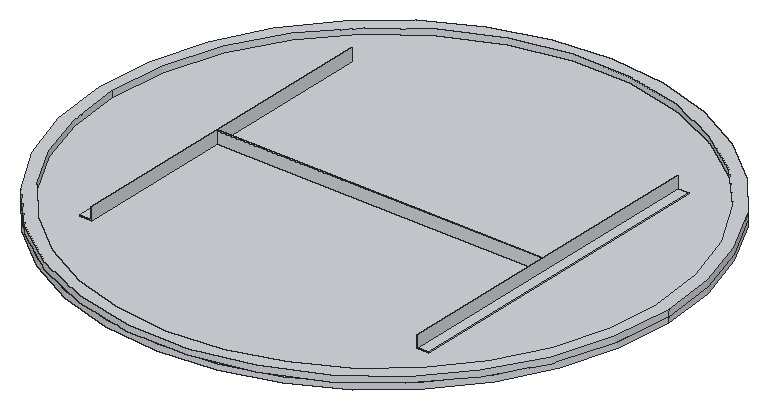
Revit family "J2 PET Felt Round Horizontal Cloud", category Specialty Equipment, Revit 2022
Family settings
  Round Connector Dimension = Use Diameter
  Part Type = Normal
  Work Plane-Based = No
  Always vertical = Yes
  Cut with Voids When Loaded = No
  Maintain Annotation Orientation = No
  Shared = No
  Room Calculation Point = No
Parameters (values of type "Circle 47"x47"")
  URL = "https://www.j2systems.net/"
  Symbol Name = "CSHCRD"
  Support diameter = (Diameter - 0' 2")  # 3' - 9"
  Style Number = "CSHCRD"
  Strut length = (Diameter / 3.5)  # 1' - 1.42857"
  Release Date = "2019"
  Product Line = "Ceiling System"
  Model = "Horizontal Cloud - Round"
  Manufacturer = "J2 Systems"  # constant formula
  Diameter = 3' - 11"
  Felt Color [instance] = none
  Default Elevation = 0' - 0"
Reference planes (in)
  plane 1 "Center (Front/Back)": y = 0
  plane 2: z = 0
  plane 3 "Center (Left/Right)": x = 0
  plane 4: y = 23.5
  plane 5: y = -23.5
  plane 6: x = -23.5
  plane 7: x = 23.5
Forms (in)
  Extrusion 1, solid, material <- "Felt Color"
    sketch origin (0, 0, 0) x (1, 0, 0) y (0, 1, 0)
      loop
        circle (0, 0) r 23.5
    from 0 to 0.5
  Sweep 2, solid
    path origin (0, -21, 0) x (1, 0, 0) y (0, 1, 0)
      loop
        line (-13.42857, 20.5) -> (13.42857, 20.5)
    profile origin (0, -0.5, 0) x (0, 1, 0) y (0, 0, 1)
      loop
        line (0, 0.5) -> (1, 0.5) -> (1, 0.5625) -> (0.0625, 0.5625) -> (0.0625, 1.5) -> (0, 1.5) -> (0, 0.5)
  Sweep 3, solid
    path origin (0, 0, 0) x (1, 0, 0) y (0, 1, 0)
      loop
        line (-13.42857, 13.42857) -> (-13.42857, -13.42857)
    profile origin (-13.42857, 0, 0) x (1, 0, 0) y (0, 0, 1)
      loop
        line (0, 0.5) -> (0, 1.5) -> (-0.0625, 1.5) -> (-0.0625, 0.5625) -> (-1, 0.5625) -> (-1, 0.5) -> (0, 0.5)
  Sweep 4, solid
    path origin (0, 0, 0) x (1, 0, 0) y (0, 1, 0)
      loop
        line (13.42857, 13.42857) -> (13.42857, -13.42857)
    profile origin (13.42857, 0, 0) x (1, 0, 0) y (0, 0, 1)
      loop
        line (0, 0.5) -> (1, 0.5) -> (1, 0.5625) -> (0.0625, 0.5625) -> (0.0625, 1.5) -> (0, 1.5) -> (0, 0.5)
  Extrusion 5, solid, material <- "Felt Color"
    sketch origin (0, 0, 0) x (1, 0, 0) y (0, 1, 0)
      loop
        circle (0, 0) r 23.5
      loop
        circle (0, 0) r 22.5
    from 0 to 1
Cuts and joins
  joined: Extrusion 1, Extrusion 5
Dimensions and locks (in)
  equal spacing: plane 4, plane 1 "Center (Front/Back)", plane 5
  equal spacing: plane 6, plane 3 "Center (Left/Right)", plane 7
  "Diameter": plane 4 to plane 5
  "Diameter": plane 6 to plane 7
  locked: plane 1 "Center (Front/Back)" to Sweep 2 sketch curve at 0.5
  "Strut length": plane 1 "Center (Front/Back)" to Sweep 3 sketch curve
  "Strut length": Sweep 3 sketch curve to plane 3 "Center (Left/Right)"
  "Strut length": Sweep 3 sketch curve to plane 1 "Center (Front/Back)"
  Sweep 2 sketch curve to Sweep 2 sketch curve to Sweep 2 sketch curve to level = 0' - 0 15/16" locked, 0' - 0 1/16" locked, 0' - 0 1/2" locked
  Sweep 3 sketch curve to Sweep 3 sketch curve to Sweep 3 sketch curve to level = 0' - 0 15/16" locked, 0' - 0 1/16" locked, 0' - 0 1/2" locked
  Sweep 4 sketch curve to Sweep 4 sketch curve to Sweep 4 sketch curve to level = 0' - 0 15/16" locked, 0' - 0 1/16" locked, 0' - 0 1/2" locked
  "Strut length": Sweep 4 sketch curve to plane 1 "Center (Front/Back)"
  "Strut length": plane 1 "Center (Front/Back)" to Sweep 4 sketch curve
  "Strut length": plane 3 "Center (Left/Right)" to Sweep 4 sketch curve
  "Diameter": diameter of Extrusion 5 sketch curve
  "Support diameter": diameter of Extrusion 5 sketch curve
  "Diameter": diameter of Extrusion 1 sketch curve
  aligned and locked: plane 2 to level
  aligned and locked: Sweep 2 sketch curve to Sweep 4
  aligned and locked: Sweep 2 sketch curve to Sweep 3
Automatic sketch dimensions
  Sweep 2 sketch curve to profile plane = 0' - 0"
  Sweep 2 sketch curve to Sweep 2 sketch curve = 0' - 0 1/16"
  Sweep 2 sketch curve to Sweep 2 sketch curve = 0' - 0 15/16"
  profile plane to Sweep 3 sketch curve = 0' - 0"
  profile plane to Sweep 3 sketch curve = 0' - 0 1/16"
  Sweep 3 sketch curve to Sweep 3 sketch curve = 0' - 0 15/16"
  profile plane to Sweep 4 sketch curve = 0' - 0"
  Sweep 4 sketch curve to profile plane = 0' - 0 1/16"
  Sweep 4 sketch curve to Sweep 4 sketch curve = 0' - 0 15/16"
  plane 1 "Center (Front/Back)" to Extrusion 1 sketch curve = 0' - 0"
  Extrusion 1 sketch curve to plane 3 "Center (Left/Right)" = 0' - 0"
  Extrusion 5 sketch curve to Extrusion 5 sketch curve = 0' - 0"  (x2)
  plane 1 "Center (Front/Back)" to Extrusion 5 sketch curve = 0' - 0"
  Extrusion 5 sketch curve to plane 3 "Center (Left/Right)" = 0' - 0"
